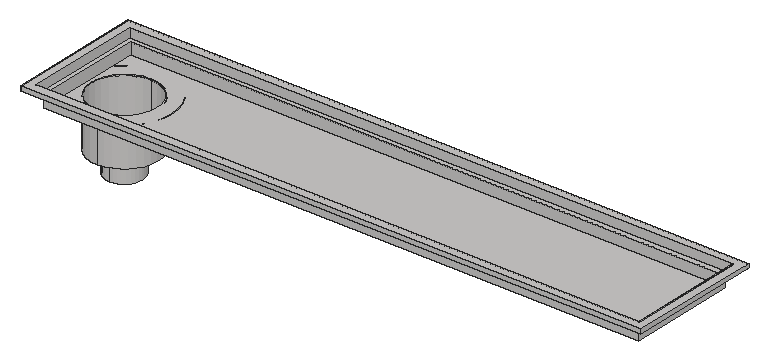
Revit family "QF_ELECTROLUXPROFESSIONAL_328055_FDA40185", category Attrezzature speciali, Revit 2020
Family settings
  Quota connettore circolare = Usa diametro
  Tipo di parte = Normale
  Basato su piano di lavoro = No
  Sempre verticale = Sì
  Taglio con vuoti quando caricato = No
  Condiviso = No
  Punto di calcolo locali = No
Parameters (values of type "Standard")
  Weight = 66.1387 lbm
  Watts = 0 W
  Volts = 0 V
  URL Manufacturer = "https://www.electroluxprofessional.com/"
  URL = "https://www.electroluxprofessional.com/"
  Steam Supply Size = 0"
  Steam Supply Minimum Pressure = 0.00 psi
  Steam Supply Maximum Pressure = 0.00 psi
  Steam Consumption per Hour = 0
  Refrigeration Suction Line Size = 0 mm
  Refrigeration Liquid Line Size = 0 mm
  Refrigerant Compressor Remote = yes
  Prospetto di default = 0 mm
  Phase = 0
  Modello = "FDA40185"
  Produttore = "Electrolux Professional"
  Length Actual = 1850 mm  # constant formula
  Item Number = "328055"
  Hot Water Size = 0"
  Height Actual = 265 mm  # constant formula
  HP = "0 HP"
  Gas Size = 0"
  Gas KW = 0
  Gas Input Pressure = 0.0 Btu/h
  Direct Waste Size = 3.93701"
  Descrizione = "FLR.DRAIN+GRATE+S.SIPH-VERT.OUT.400X1850"
  Depth Actual = 400 mm  # constant formula
  Cycle = 0 Hz
  Condensate Return Size = 0"
  Compressed Air Volume = 0 GPM
  Compressed Air Size = 0"
  Compressed Air Pressure = 0.00 psi
  Cold Water Size = 0"
  Assembly Code = ""
  Accessory = yes
Reference planes
  plane 1: z = 0
  plane 2 "Center (Front/Back)": y = -102.225
  plane 3 "Center (Left/Right)": x = 9.791
  plane 4 "TOP": z = -265
  plane 5 "Back": y = 97.775
  plane 6 "Front": y = -302.225
  plane 7: x = -140.209
  plane 8: x = 159.791
  plane 9: x = 1709.791
Forms (mm)
  Revolve 1, solid, material "QF_Metal-Stainless-Polished"
    sketch origin (9.791, 0, 0) x (0, 1, 0) y (0, 0, 1)
      loop
        line (38.775, -62) -> (38.775, -60) -> (-4.225, -60) -> (-4.225, -198) -> (-49.225, -198) -> (-49.225, -265) -> (-47.225, -265) -> (-47.225, -200) -> (-2.225, -200) -> (-2.225, -62) -> (38.775, -62)
      axis (-102.225, -265) -> (-102.225, -60)
    angle from 0 to 360
  Sweep 2, solid, material "QF_Finishes_Stainless Steel"
    path origin (0, 0, 0) x (1, 0, 0) y (0, 1, 0)
      loop
        line (-140.209, 97.775) -> (-140.209, -302.225) -> (1709.791, -302.225) -> (1709.791, 97.775) -> (-140.209, 97.775)
    profile origin (784.791, 97.775, 0) x (0, 1, 0) y (0, 0, 1)
      loop
        line (0, -11.945) -> (0, 1) -> (-26, 1) -> (-26, -25) -> (-40, -25) -> (-40, -59) -> (-50, -59) -> (-50, -60) -> (-39, -60) -> (-39, -26) -> (-25, -26) -> (-25, 0.055) -> (-1, 0.055) -> (-1, -11.945) -> (0, -11.945)
  Extrusion 3, solid, material "QF_Finishes_Stainless Steel"
    sketch origin (0, 0, 0) x (1, 0, 0) y (0, 1, 0)
      loop
        line (-90.209, 47.775) -> (-90.209, -252.225) -> (1659.791, -252.225) -> (1659.791, 47.775) -> (-90.209, 47.775)
      loop
        circle (9.791, -102.225) r 98
    from -59 to -60
Cuts and joins
  joined: Sweep 2, Extrusion 3
Lines and regions (mm)
  symbolic lines
    curve 1: line (-140.209, 97.775, 0) -> (1709.791, 97.775, 0)
    curve 2: line (-140.209, -302.225, 0) -> (-140.209, 97.775, 0)
    curve 3: line (1709.791, -302.225, 0) -> (-140.209, -302.225, 0)
    curve 4: line (1709.791, 97.775, 0) -> (1709.791, -302.225, 0)
    curve 5: circle (9.791, -102.225, 0) r 115 normal (0, 0, 1)
    curve 18: circle (9.791, -102.225, 0) r 115 normal (0, 0, -1)
    curve 24: line (-114.209, 71.775, 0) -> (1683.791, 71.775, 0)
    curve 25: line (-114.209, -276.225, 0) -> (-114.209, 71.775, 0)
    curve 26: line (1683.791, -276.225, 0) -> (-114.209, -276.225, 0)
    curve 27: line (1683.791, 71.775, 0) -> (1683.791, -276.225, 0)
    curve 28: circle (9.791, -102.225, 0) r 53 normal (0, 0, 1)
  model lines
    curve 6: line (-100.209, 71.775, 0) -> (-100.209, -276.225, 0)
    curve 7: line (-80.209, 71.775, 0) -> (-80.209, -276.225, 0)
    curve 8: line (-60.209, 71.775, 0) -> (-60.209, -276.225, 0)
    curve 9: line (-40.209, 71.775, 0) -> (-40.209, -276.225, 0)
    curve 10: line (-20.209, 71.775, 0) -> (-20.209, -276.225, 0)
    curve 11: line (-0.209, 71.775, 0) -> (-0.209, -276.225, 0)
    curve 12: line (19.791, 71.775, 0) -> (19.791, -276.225, 0)
    curve 13: line (39.791, 71.775, 0) -> (39.791, -276.225, 0)
    curve 14: line (59.791, 71.775, 0) -> (59.791, -276.225, 0)
    curve 15: line (79.791, 71.775, 0) -> (79.791, -276.225, 0)
    curve 16: line (99.791, 71.775, 0) -> (99.791, -276.225, 0)
    curve 17: line (119.791, 71.775, 0) -> (119.791, -276.225, 0)
    curve 19: line (-114.209, -22.225, 0) -> (1683.791, -22.225, 0)
    curve 20: line (-114.209, -42.225, 0) -> (1683.791, -42.225, 0)
    curve 21: line (-114.209, -62.225, 0) -> (1683.791, -62.225, 0)
    curve 22: line (-114.209, -102.225, 0) -> (1683.791, -102.225, 0)
    curve 23: line (-114.209, -122.225, 0) -> (1683.791, -122.225, 0)
    curve 29: line (-114.209, 37.775, 0) -> (1683.791, 37.775, 0)
    curve 30: line (-114.209, 17.775, 0) -> (1683.791, 17.775, 0)
    curve 31: line (-114.209, -2.225, 0) -> (1683.791, -2.225, 0)
    curve 32: line (-114.209, -202.225, 0) -> (1683.791, -202.225, 0)
    curve 33: line (-114.209, -182.225, 0) -> (1683.791, -182.225, 0)
    curve 34: line (-114.209, -162.225, 0) -> (1683.791, -162.225, 0)
    curve 35: line (-114.209, -142.225, 0) -> (1683.791, -142.225, 0)
    curve 36: line (-114.209, -262.225, 0) -> (1683.791, -262.225, 0)
    curve 37: line (-114.209, -242.225, 0) -> (1683.791, -242.225, 0)
    curve 38: line (-114.209, -222.225, 0) -> (1683.791, -222.225, 0)
    curve 39: line (-114.209, 57.775, 0) -> (1683.791, 57.775, 0)
    curve 40: line (139.791, 71.775, 0) -> (139.791, -276.225, 0)
    curve 41: line (159.791, 71.775, 0) -> (159.791, -276.225, 0)
    curve 42: line (179.791, 71.775, 0) -> (179.791, -276.225, 0)
    curve 43: line (199.791, 71.775, 0) -> (199.791, -276.225, 0)
    curve 44: line (219.791, 71.775, 0) -> (219.791, -276.225, 0)
    curve 45: line (239.791, 71.775, 0) -> (239.791, -276.225, 0)
    curve 46: line (259.791, 71.775, 0) -> (259.791, -276.225, 0)
    curve 47: line (279.791, 71.775, 0) -> (279.791, -276.225, 0)
    curve 48: line (299.791, 71.775, 0) -> (299.791, -276.225, 0)
    curve 49: line (319.791, 71.775, 0) -> (319.791, -276.225, 0)
    curve 50: line (339.791, 71.775, 0) -> (339.791, -276.225, 0)
    curve 51: line (359.791, 71.775, 0) -> (359.791, -276.225, 0)
    curve 52: line (379.791, 71.775, 0) -> (379.791, -276.225, 0)
    curve 53: line (399.791, 71.775, 0) -> (399.791, -276.225, 0)
    curve 54: line (419.791, 71.775, 0) -> (419.791, -276.225, 0)
    curve 55: line (439.791, 71.775, 0) -> (439.791, -276.225, 0)
    curve 56: line (459.791, 71.775, 0) -> (459.791, -276.225, 0)
    curve 57: line (479.791, 71.775, 0) -> (479.791, -276.225, 0)
    curve 58: line (499.791, 71.775, 0) -> (499.791, -276.225, 0)
    curve 59: line (519.791, 71.775, 0) -> (519.791, -276.225, 0)
    curve 60: line (539.791, 71.775, 0) -> (539.791, -276.225, 0)
    curve 61: line (559.791, 71.775, 0) -> (559.791, -276.225, 0)
    curve 62: line (579.791, 71.775, 0) -> (579.791, -276.225, 0)
    curve 63: line (599.791, 71.775, 0) -> (599.791, -276.225, 0)
    curve 64: line (619.791, 71.775, 0) -> (619.791, -276.225, 0)
    curve 65: line (639.791, 71.775, 0) -> (639.791, -276.225, 0)
    curve 66: line (659.791, 71.775, 0) -> (659.791, -276.225, 0)
    curve 67: line (679.791, 71.775, 0) -> (679.791, -276.225, 0)
    curve 68: line (699.791, 71.775, 0) -> (699.791, -276.225, 0)
    curve 69: line (719.791, 71.775, 0) -> (719.791, -276.225, 0)
    curve 70: line (739.791, 71.775, 0) -> (739.791, -276.225, 0)
    curve 71: line (759.791, 71.775, 0) -> (759.791, -276.225, 0)
    curve 72: line (-114.209, -82.225, 0) -> (1683.791, -82.225, 0)
    curve 73: line (779.791, 71.775, 0) -> (779.791, -276.225, 0)
    curve 74: line (799.791, 71.775, 0) -> (799.791, -276.225, 0)
    curve 75: line (819.791, 71.775, 0) -> (819.791, -276.225, 0)
    curve 76: line (839.791, 71.775, 0) -> (839.791, -276.225, 0)
    curve 77: line (859.791, 71.775, 0) -> (859.791, -276.225, 0)
    curve 78: line (879.791, 71.775, 0) -> (879.791, -276.225, 0)
    curve 79: line (899.791, 71.775, 0) -> (899.791, -276.225, 0)
    curve 80: line (919.791, 71.775, 0) -> (919.791, -276.225, 0)
    curve 81: line (939.791, 71.775, 0) -> (939.791, -276.225, 0)
    curve 82: line (959.791, 71.775, 0) -> (959.791, -276.225, 0)
    curve 83: line (979.791, 71.775, 0) -> (979.791, -276.225, 0)
    curve 84: line (999.791, 71.775, 0) -> (999.791, -276.225, 0)
    curve 85: line (1019.791, 71.775, 0) -> (1019.791, -276.225, 0)
    curve 86: line (1039.791, 71.775, 0) -> (1039.791, -276.225, 0)
    curve 87: line (1059.791, 71.775, 0) -> (1059.791, -276.225, 0)
    curve 88: line (1079.791, 71.775, 0) -> (1079.791, -276.225, 0)
    curve 89: line (1099.791, 71.775, 0) -> (1099.791, -276.225, 0)
    curve 90: line (1119.791, 71.775, 0) -> (1119.791, -276.225, 0)
    curve 91: line (1139.791, 71.775, 0) -> (1139.791, -276.225, 0)
    curve 92: line (1159.791, 71.775, 0) -> (1159.791, -276.225, 0)
    curve 93: line (1179.791, 71.775, 0) -> (1179.791, -276.225, 0)
    curve 94: line (1199.791, 71.775, 0) -> (1199.791, -276.225, 0)
    curve 95: line (1219.791, 71.775, 0) -> (1219.791, -276.225, 0)
    curve 96: line (1239.791, 71.775, 0) -> (1239.791, -276.225, 0)
    curve 97: line (1259.791, 71.775, 0) -> (1259.791, -276.225, 0)
    curve 98: line (1279.791, 71.775, 0) -> (1279.791, -276.225, 0)
    curve 99: line (1299.791, 71.775, 0) -> (1299.791, -276.225, 0)
    curve 100: line (1319.791, 71.775, 0) -> (1319.791, -276.225, 0)
    curve 101: line (1339.791, 71.775, 0) -> (1339.791, -276.225, 0)
    curve 102: line (1359.791, 71.775, 0) -> (1359.791, -276.225, 0)
    curve 103: line (1379.791, 71.775, 0) -> (1379.791, -276.225, 0)
    curve 104: line (1399.791, 71.775, 0) -> (1399.791, -276.225, 0)
    curve 105: line (1419.791, 71.775, 0) -> (1419.791, -276.225, 0)
    curve 106: line (1439.791, 71.775, 0) -> (1439.791, -276.225, 0)
    curve 107: line (1459.791, 71.775, 0) -> (1459.791, -276.225, 0)
    curve 108: line (1479.791, 71.775, 0) -> (1479.791, -276.225, 0)
    curve 109: line (1499.791, 71.775, 0) -> (1499.791, -276.225, 0)
    curve 110: line (1519.791, 71.775, 0) -> (1519.791, -276.225, 0)
    curve 111: line (1539.791, 71.775, 0) -> (1539.791, -276.225, 0)
    curve 112: line (1559.791, 71.775, 0) -> (1559.791, -276.225, 0)
    curve 113: line (1579.791, 71.775, 0) -> (1579.791, -276.225, 0)
    curve 114: line (1599.791, 71.775, 0) -> (1599.791, -276.225, 0)
    curve 115: line (1619.791, 71.775, 0) -> (1619.791, -276.225, 0)
    curve 116: line (1639.791, 71.775, 0) -> (1639.791, -276.225, 0)
    curve 117: line (1659.791, 71.775, 0) -> (1659.791, -276.225, 0)
    curve 118: line (1679.791, 71.775, 0) -> (1679.791, -276.225, 0)
Dimensions and locks
  equal spacing: plane 8, plane 3 "Center (Left/Right)", plane 7
  level to plane 4 "TOP" = 265 mm
  locked: Revolve 1 sketch curve to Revolve 1 sketch curve at 141
  locked: Revolve 1 sketch curve to Revolve 1 sketch curve at 100
  locked: Revolve 1 sketch curve to Revolve 1 sketch curve at 55
  locked: plane 8 to plane 7 at 300
  equal spacing: plane 6 "Front", plane 2 "Center (Front/Back)", plane 5 "Back"
  locked: plane 6 "Front" to plane 5 "Back" at 400
  locked: plane 7 to plane 9 at 1850
  aligned and locked: level to plane 1
  aligned and locked: Sweep 2 sketch curve to plane 9
  aligned and locked: curve 4 to plane 9
Automatic sketch dimensions
  Revolve 1 sketch curve to plane 2 "Center (Front/Back)" = 0 mm
  plane 4 "TOP" to Revolve 1 sketch curve = 65 mm
  Revolve 1 sketch curve to level = 62 mm
  Revolve 1 sketch curve to Revolve 1 sketch curve = 2 mm  (x4)
  Revolve 1 sketch curve to plane 4 "TOP" = 344.6 mm
  level to Revolve 1 sketch curve = 2466.13 mm
  plane 6 "Front" to Sweep 2 sketch curve = 0 mm
  Sweep 2 sketch curve to plane 7 = 0 mm
  plane 5 "Back" to Sweep 2 sketch curve = 0 mm
  level to Sweep 2 sketch curve = 1 mm
  Sweep 2 sketch curve to profile plane = 0 mm
  profile plane to Sweep 2 sketch curve = 1 mm
  profile plane to Sweep 2 sketch curve = 25 mm
  Sweep 2 sketch curve to Sweep 2 sketch curve = 1 mm  (x4)
  Sweep 2 sketch curve to Sweep 2 sketch curve = 14 mm
  level to Sweep 2 sketch curve = 0.055 mm
  Sweep 2 sketch curve to Sweep 2 sketch curve = 12 mm
  Sweep 2 sketch curve to level = 25 mm
  Sweep 2 sketch curve to Sweep 2 sketch curve = 33 mm
  Sweep 2 sketch curve to Sweep 2 sketch curve = 10 mm
  Revolve 1 sketch curve to plane 4 "TOP" = 0 mm
  Extrusion 3 sketch curve to plane 2 "Center (Front/Back)" = 0 mm
  Extrusion 3 sketch curve to plane 3 "Center (Left/Right)" = 0 mm
  plane 7 to Extrusion 3 sketch curve = 50 mm
  Extrusion 3 sketch curve to plane 9 = 50 mm
  Extrusion 3 sketch curve to plane 6 "Front" = 50 mm
  plane 5 "Back" to Extrusion 3 sketch curve = 50 mm
  curve 5 to curve 18 = 0 mm  (x2)
  curve 5 to curve 28 = 0 mm  (x2)
  plane 6 "Front" to curve 3 = 0 mm
  curve 3 to plane 7 = 0 mm
  curve 22 to plane 2 "Center (Front/Back)" = 0 mm
  curve 5 to plane 2 "Center (Front/Back)" = 0 mm
  curve 5 to plane 3 "Center (Left/Right)" = 0 mm
  curve 41 to plane 8 = 0 mm
  plane 5 "Back" to curve 2 = 0 mm
  plane 7 to curve 26 = 26 mm
  curve 27 to plane 9 = 26 mm
  curve 25 to plane 6 "Front" = 26 mm
  plane 5 "Back" to curve 27 = 26 mm
  curve 25 to curve 6 = 14 mm
  curve 6 to curve 7 = 20 mm
  curve 7 to curve 8 = 20 mm
  curve 8 to curve 9 = 20 mm
  curve 9 to curve 10 = 20 mm
  curve 11 to plane 3 "Center (Left/Right)" = 10 mm
  plane 3 "Center (Left/Right)" to curve 12 = 10 mm
  curve 12 to curve 13 = 20 mm
  curve 13 to curve 14 = 20 mm
  curve 14 to curve 15 = 20 mm
  curve 15 to curve 16 = 20 mm
  curve 16 to curve 17 = 20 mm
  curve 40 to curve 41 = 20 mm
  plane 8 to curve 42 = 20 mm
  curve 42 to curve 43 = 20 mm
  curve 43 to curve 44 = 20 mm
  curve 44 to curve 45 = 20 mm
  curve 45 to curve 46 = 20 mm
  curve 46 to curve 47 = 20 mm
  curve 47 to curve 48 = 20 mm
  curve 48 to curve 49 = 20 mm
  curve 49 to curve 50 = 20 mm
  curve 50 to curve 51 = 20 mm
  curve 51 to curve 52 = 20 mm
  curve 52 to curve 53 = 20 mm
  curve 53 to curve 54 = 20 mm
  curve 54 to curve 55 = 20 mm
  curve 55 to curve 56 = 20 mm
  curve 56 to curve 57 = 20 mm
  curve 57 to curve 58 = 20 mm
  curve 58 to curve 59 = 20 mm
  curve 59 to curve 60 = 20 mm
  curve 60 to curve 61 = 20 mm
  curve 61 to curve 62 = 20 mm
  curve 62 to curve 63 = 20 mm
  curve 63 to curve 64 = 20 mm
  curve 64 to curve 65 = 20 mm
  curve 65 to curve 66 = 20 mm
  curve 66 to curve 67 = 20 mm
  curve 67 to curve 68 = 20 mm
  curve 68 to curve 69 = 20 mm
  curve 69 to curve 70 = 20 mm
  curve 70 to curve 71 = 20 mm
  curve 71 to curve 73 = 20 mm
  curve 73 to curve 74 = 20 mm
  curve 74 to curve 75 = 20 mm
  curve 75 to curve 76 = 20 mm
  curve 76 to curve 77 = 20 mm
  curve 77 to curve 78 = 20 mm
  curve 78 to curve 79 = 20 mm
  curve 79 to curve 80 = 20 mm
  curve 80 to curve 81 = 20 mm
  curve 81 to curve 82 = 20 mm
  curve 82 to curve 83 = 20 mm
  curve 83 to curve 84 = 20 mm
  curve 84 to curve 85 = 20 mm
  curve 85 to curve 86 = 20 mm
  curve 86 to curve 87 = 20 mm
  curve 87 to curve 88 = 20 mm
  curve 88 to curve 89 = 20 mm
  curve 89 to curve 90 = 20 mm
  curve 90 to curve 91 = 20 mm
  curve 91 to curve 92 = 20 mm
  curve 92 to curve 93 = 20 mm
  curve 93 to curve 94 = 20 mm
  curve 94 to curve 95 = 20 mm
  curve 95 to curve 96 = 20 mm
  curve 96 to curve 97 = 20 mm
  curve 97 to curve 98 = 20 mm
  curve 98 to curve 99 = 20 mm
  curve 99 to curve 100 = 20 mm
  curve 100 to curve 101 = 20 mm
  curve 101 to curve 102 = 20 mm
  curve 102 to curve 103 = 20 mm
  curve 103 to curve 104 = 20 mm
  curve 104 to curve 105 = 20 mm
  curve 105 to curve 106 = 20 mm
  curve 106 to curve 107 = 20 mm
  curve 107 to curve 108 = 20 mm
  curve 108 to curve 109 = 20 mm
  curve 109 to curve 110 = 20 mm
  curve 110 to curve 111 = 20 mm
  curve 111 to curve 112 = 20 mm
  curve 112 to curve 113 = 20 mm
  curve 113 to curve 114 = 20 mm
  curve 114 to curve 115 = 20 mm
  curve 115 to curve 116 = 20 mm
  curve 116 to curve 117 = 20 mm
  curve 118 to curve 24 = 4 mm
  curve 25 to curve 36 = 14 mm
  curve 36 to curve 37 = 20 mm
  curve 37 to curve 38 = 20 mm
  curve 38 to curve 32 = 20 mm
  curve 32 to curve 33 = 20 mm
  curve 33 to curve 34 = 20 mm
  curve 34 to curve 35 = 20 mm
  curve 23 to plane 2 "Center (Front/Back)" = 20 mm
  curve 22 to curve 72 = 20 mm
  curve 72 to curve 21 = 20 mm
  curve 21 to curve 20 = 20 mm
  curve 20 to curve 19 = 20 mm
  curve 19 to curve 31 = 20 mm
  curve 31 to curve 30 = 20 mm
  curve 30 to curve 29 = 20 mm
  curve 39 to curve 24 = 14 mm
  radius of Extrusion 3 sketch curve = 98 mm
  radius of curve 5 = 115 mm
  radius of curve 18 = 115 mm
  radius of curve 28 = 53 mm
Connectors
  piping at (9.791, -102.225, -265), diameter 100, driven by "Direct Waste Size"
    settings: on Revolve 1, index 1, connector inside diameter 24", connector length 0 mm, flow factor 0, pipe flow 0 GPM, pressure drop 0.00 psi, fitting loss kfactor 0, connector angle 0.00°, fixture units 0, engagement length 0 mm, angle of deflection 0.00°, flow configuration 1, flow direction 2, fitting loss method 0, system type 16, joint type 0, gender type 0, connector reference index -1, connector utility 0, adjustable connector no, is connector primary yes, connector description "Drain"
